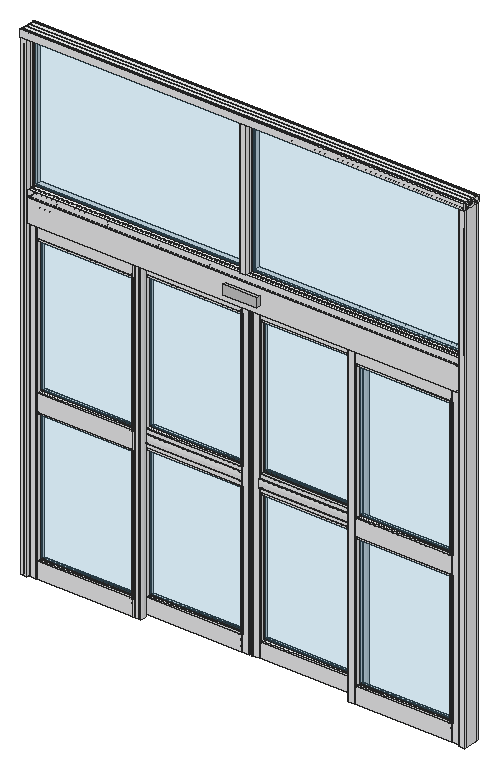
Revit family "2-5-16_Sliding-Door_TX9200SL_Bipart-Outside-Slide-w-Transom-O-SX-SX-O-w-Elec-Lock-Flush-Mnt-Exit-Panic-HW_Tormax", category Doors, host Wall, Revit 2026
Family settings
  Host = Wall
  Classification Number = 23.30.10.00
  Always vertical = Yes
  Cut with Voids When Loaded = No
  Shared = No
  Room Calculation Point = No
Parameters (values of type "10'-0" Package Width")
  Width = 10' - 0"
  URL = "https://www.tormaxusa.com"
  Thickness = 0' - 4 1/2"  # constant formula
  Specification = "https://www.arcat.com/company/tormax-usa-inc-43969/spec"
  Rough Width = Width + 0' 0 1/2"  # 10' - 0 1/2"
  Rough Height = Height + 0' 0 1/4"  # 11' - 0 1/4"
  Product Page URL = "https://www.arcat.com/arcatcos/cos43/arc43969.html"
  Model = "TX9200SL"
  Manufacturer = "Tormax"
  Keynote = "08 42 29"
  Height = 11' - 0"  # constant formula
  Glass = Glass - Tormax
  Frame Projection Ext. = 0' - 0"
  Frame Projection Int. = 0' - 0"
  Frame Width = 0' - 0"
  Wall Closure = By host
  Door Width = Width / 4 + 0' 0 7/16"  # 2' - 6 7/16"
  Door Height = Height  # 11' - 0"
  Frame Material = Aluminum - Tormax
  Description = "Bipart Outside Slide Application w/ Transom (O-SX-SX-O) w/ Electric Lock & Flush Mount Exit Panic HDW, 10'-0\" Package Width"
  Define Thermal Properties by = Schematic Type
  Copyright = "ARCAT"
  CAD Details = "https://www.arcat.com/company/tormax-usa-inc-43969/cad"
  Analytic Construction = "<None>"
Reference planes (in)
  plane 1 "Center (Front/Back)": y = 0
  plane 2 "Center (Left/Right)": x = 0
  plane 3 "Left": x = -60.25
  plane 4 "Right": x = 60.25
  plane 5 "Top": z = 132.25
  plane 6 "Exterior": y = 3
  plane 7 "Interior": y = -3
  plane 8: x = -0.21875
  plane 9: x = 0.21875
  plane 10: y = -2.25
  plane 11 "4": z = 85.5
  plane 12: x = -60
  plane 13: x = 60
  plane 14: z = 132
  plane 15: y = 2.25
  plane 16: x = -58.24908
  plane 17: x = 58.24908
  plane 18: y = 1.433
  plane 19: y = -0.84
  plane 20: x = -15.4375
  plane 21: z = 92
  plane 22: x = -30.65625
  plane 23: x = 30.65625
  plane 24: x = 15.4375
  plane 25: z = 130.1875
Forms (in)
  Extrusion 1, solid, material "Plastic - Tormax - Grey"
    sketch origin (0, 0, 0) x (1, 0, 0) y (0, 0, 1)
      loop
        line (-4.5, 90.055) -> (-4.5, 87.445) -> (4.5, 87.445) -> (4.5, 90.055) -> (-4.5, 90.055)
    from 2.23457 to 3.23457
  Extrusion 2, solid, material "Plastic - Tormax - Grey"
    sketch origin (0, 0, 0) x (1, 0, 0) y (0, 0, 1)
      loop
        line (-4.5, 90.055) -> (-4.5, 87.445) -> (4.5, 87.445) -> (4.5, 90.055) -> (-4.5, 90.055)
    from -3.23036 to -2.23036
  Sweep 3, solid, material "Aluminum - Tormax" <- "Frame Material"
    path origin (0, 0, 0) x (1, 0, 0) y (0, 0, 1)
      loop
        line (-58.24908, 85.5) -> (58.24908, 85.5)
    profile origin (0, 0, 85.5) x (0, 0, 1) y (0, -1, 0)
      loop
        line (5.77619, -2.07466) -> (5.99221, -2.07466) -> (5.99221, -1.99751) -> (5.93513, -1.99751)
        arc (5.93513, -1.99751) -> (5.89217, -1.97971) -> (5.87438, -1.93675) r 0.06075
        line (5.87438, -1.93675) -> (5.87438, -1.35631) -> (6.14932, -1.35631) -> (6.14932, -1.4827) -> (6.22817, -1.4827)
        arc (6.22817, -1.4827) -> (6.39719, -1.79317) -> (6.34244, -2.14241) r 0.55026
        line (6.34244, -2.14241) -> (6.29099, -2.1562) -> (6.29099, -1.87738) -> (5.93246, -1.87738)
        arc (5.93246, -1.87738) -> (5.88314, -1.9267) -> (5.93246, -1.97602) r 0.04932
        line (5.93246, -1.97602) -> (6.03008, -1.97602) -> (6.03008, -2.10552) -> (0.40539, -2.10552) -> (0.40539, -1.68048) -> (0.28141, -1.68048) -> (0.28141, -2.23036) -> (6.5, -2.23036) -> (6.5, 1.72592) -> (6.37515, 1.85076) -> (6.37515, 2.08622)
        arc (6.37515, 2.08622) -> (6.39129, 2.10725) -> (6.41577, 2.09711) r 0.02177
        line (6.41577, 2.09711) -> (6.47243, 1.99896)
        arc (6.47243, 1.99896) -> (6.48905, 1.99208) -> (6.5, 2.00635) r 0.01477
        line (6.5, 2.00635) -> (6.5, 2.23457) -> (0, 2.23457) -> (0, -0.04489) -> (-0.21462, -0.04489) -> (-0.21462, -0.08837) -> (-0.15431, -0.08837) -> (-0.15431, -0.15851) -> (-0.48395, -0.15851) -> (-0.48395, -0.08837) -> (-0.42504, -0.08837) -> (-0.42504, -0.04489) -> (-0.62422, -0.04489) -> (-0.62422, -0.45028) -> (-0.42504, -0.45028) -> (-0.42504, -0.4068) -> (-0.48395, -0.4068) -> (-0.48395, -0.33666) -> (-0.15431, -0.33666) -> (-0.15431, -0.4068) -> (-0.21462, -0.4068) -> (-0.21462, -0.45028) -> (-0.01964, -0.45028) -> (-0.01964, -0.28897) -> (0.23145, -0.28897) -> (0.23145, -0.84785) -> (0.34867, -1.03258)
        arc (0.34867, -1.03258) -> (0.36443, -1.03854) -> (0.37455, -1.02507) r 0.01403
        line (0.37455, -1.02507) -> (0.37455, -0.21669)
        arc (0.37455, -0.21669) -> (0.40392, -0.14579) -> (0.47481, -0.11643) r 0.10026
        line (0.47481, -0.11643) -> (0.59196, -0.11643) -> (0.59196, -0.23145) -> (0.89635, -0.23145) -> (0.89635, -0.1529) -> (0.76309, -0.1529) -> (0.76309, -0.01262) -> (0.8697, -0.01262) -> (0.8697, 0.06867) -> (1.19934, 0.06867) -> (1.19934, -0.01262) -> (1.30595, -0.01262) -> (1.30595, -0.1529) -> (1.17269, -0.1529) -> (1.17269, -0.23145) -> (1.36206, -0.23145) -> (1.43332, -0.07864)
        arc (1.43332, -0.07864) -> (1.6158, 0.06179) -> (1.83569, -0.00654) r 0.25
        line (1.83569, -0.00654) -> (1.96422, -0.13365)
        arc (1.96422, -0.13365) -> (1.99627, -0.15695) -> (2.0338, -0.16963) r 0.13141
        line (2.0338, -0.16963) -> (2.11423, -0.18382)
        arc (2.11423, -0.18382) -> (2.2005, -0.23362) -> (2.23457, -0.32723) r 0.14562
        line (2.23457, -0.32723) -> (2.23457, -0.9202) -> (2.38466, -0.9202) -> (2.38466, 0.06733) -> (2.28156, 0.17043) -> (2.22615, 0.11502) -> (2.32086, 0.02032) -> (2.22127, -0.07928) -> (2.14619, -0.00421) -> (2.08868, -0.06172) -> (1.85512, 0.17184) -> (1.91264, 0.22935) -> (1.83689, 0.3051) -> (1.93648, 0.40469) -> (2.03117, 0.31001) -> (2.08658, 0.36541) -> (1.83128, 0.62071) -> (1.9456, 0.73504) -> (1.9456, 1.35354) -> (1.75483, 1.53331) -> (1.75483, 2.06344) -> (5.84651, 2.06344)
        arc (5.84651, 2.06344) -> (5.93664, 2.02611) -> (5.97397, 1.93598) r 0.12746
        line (5.97397, 1.93598) -> (5.97397, 1.7394) -> (6.05393, 1.7394) -> (6.05393, 1.87407) -> (6.1928, 1.87407) -> (6.1928, 1.76475) -> (6.24189, 1.76475) -> (6.24189, 1.43623) -> (6.1928, 1.43623) -> (6.1928, 1.3298) -> (6.05393, 1.3298) -> (6.05393, 1.46306) -> (5.97397, 1.46306) -> (5.97397, 1.25125) -> (6.27276, 1.25125) -> (6.27276, 1.32981)
        arc (6.27276, 1.32981) -> (6.30151, 1.35856) -> (6.33027, 1.32981) r 0.02876
        line (6.33027, 1.32981) -> (6.33027, 0.99434)
        arc (6.33027, 0.99434) -> (6.30151, 0.96559) -> (6.27276, 0.99434) r 0.02876
        line (6.27276, 0.99434) -> (6.27276, 1.0731) -> (5.97397, 1.0731) -> (5.97397, 0.85988) -> (6.05393, 0.85988) -> (6.05393, 0.99314) -> (6.1928, 0.99314) -> (6.1928, 0.88653) -> (6.33027, 0.88653) -> (6.33027, 0.55689) -> (6.1928, 0.55689) -> (6.1928, 0.45028) -> (6.05393, 0.45028) -> (6.05393, 0.58354) -> (5.97397, 0.58354) -> (5.97397, 0.37032) -> (6.27276, 0.37032) -> (6.27276, 0.44908)
        arc (6.27276, 0.44908) -> (6.30151, 0.47783) -> (6.33027, 0.44908) r 0.02876
        line (6.33027, 0.44908) -> (6.33027, 0.11503)
        arc (6.33027, 0.11503) -> (6.30151, 0.08627) -> (6.27276, 0.11503) r 0.02876
        line (6.27276, 0.11503) -> (6.27276, 0.19378) -> (5.97397, 0.19378) -> (5.97397, -0.01944) -> (6.05393, -0.01944) -> (6.05393, 0.11382) -> (6.1928, 0.11382) -> (6.1928, 0.00721) -> (6.33027, 0.00721) -> (6.33027, -0.32403) -> (6.1928, -0.32403) -> (6.1928, -0.42995) -> (6.05393, -0.42995) -> (6.05393, -0.29669) -> (5.97397, -0.29669) -> (5.97397, -0.53164) -> (6.03429, -0.53164) -> (6.03429, -0.64246) -> (6.11284, -0.64246) -> (6.11284, -0.53164) -> (6.25171, -0.53164) -> (6.25171, -1.15867) -> (6.06795, -1.15867) -> (6.03942, -1.11939) -> (5.97397, -1.11939) -> (5.97397, -1.1664)
        arc (5.97397, -1.1664) -> (5.95775, -1.20557) -> (5.91858, -1.22179) r 0.05539
        line (5.91858, -1.22179) -> (5.77619, -1.22179) -> (5.77619, -2.07466)
      loop
        line (0.07995, 1.86565) -> (0.07995, 0.39978) -> (0.26091, 0.39978) -> (0.26091, 0.28335) -> (0.3058, 0.2539) -> (0.3058, 0.03421) -> (0.47711, 0.03365) -> (0.7408, 0.21838) -> (1.4982, 0.21838) -> (1.69036, 0.25479) -> (1.69036, 0.66367) -> (1.33962, 0.66367) -> (1.33962, 0.89776) -> (1.41957, 0.89776) -> (1.41957, 0.76309) -> (1.55985, 0.76309) -> (1.55985, 0.8711) -> (1.75062, 0.8711) -> (1.75062, 1.20075) -> (1.55985, 1.20075) -> (1.55985, 1.30735) -> (1.41957, 1.30735) -> (1.41957, 1.17409) -> (1.33962, 1.17409) -> (1.33962, 1.38773) -> (1.5851, 1.38773) -> (1.5851, 2.06344) -> (0.30619, 2.06344) -> (0.30619, 1.97106) -> (0.26091, 1.94734) -> (0.26091, 1.86565) -> (0.07995, 1.86565)
      loop
        line (0.00561, -2.10973) -> (0.00561, -1.55985) -> (2.37204, -1.55985)
        arc (2.37204, -1.55985) -> (2.41952, -1.67959) -> (2.53701, -1.73239) r 0.17128
        line (2.53701, -1.73239) -> (2.78024, -1.73239) -> (2.78024, -1.49813) -> (2.70028, -1.49813) -> (2.70028, -1.63279) -> (2.56141, -1.63279) -> (2.56141, -1.52478) -> (2.46883, -1.52478) -> (2.46883, -1.19514) -> (2.56141, -1.19514) -> (2.56141, -1.08853) -> (2.70028, -1.08853) -> (2.70028, -1.22179) -> (2.78024, -1.22179) -> (2.78024, -0.98753) -> (2.53714, -0.98753)
        arc (2.53714, -0.98753) -> (2.41956, -1.04028) -> (2.37204, -1.16007) r 0.17128
        line (2.37204, -1.16007) -> (0.00631, -1.16007) -> (0.00631, -0.61019) -> (-0.98473, -0.61019) -> (-0.98473, -1.53213)
        arc (-0.98473, -1.53213) -> (-0.9181, -1.59876) -> (-0.85147, -1.53213) r 0.06663
        line (-0.85147, -1.53213) -> (-0.85147, -1.2004)
        arc (-0.85147, -1.2004) -> (-0.77362, -1.12255) -> (-0.69577, -1.2004) r 0.07785
        line (-0.69577, -1.2004) -> (-0.69577, -1.68329) -> (-0.67052, -1.92596) -> (-0.67052, -2.10973) -> (0.00561, -2.10973)
  Sweep 4, solid, material "Aluminum - Tormax" <- "Frame Material"
    path origin (0, 0, 0) x (1, 0, 0) y (0, 0, 1)
      loop
        line (-60, 130.1875) -> (-60, 0)
    profile origin (-60, 0, 65.09375) x (0, -1, 0) y (1, 0, 0)
      loop
        line (-2.25, 0) -> (-1.81515, 0) -> (-1.81515, 0.11322) -> (-1.69933, 0.11322)
        arc (-1.69933, 0.11322) -> (-1.69067, 0.15137) -> (-1.70596, 0.18738) r 0.06366
        line (-1.70596, 0.18738) -> (-1.81808, 0.18738)
        arc (-1.81808, 0.18738) -> (-1.86945, 0.1699) -> (-1.89951, 0.12472) r 0.08425
        line (-1.89951, 0.12472) -> (-2.12383, 0.12472) -> (-2.12383, 1.62444) -> (-1.01125, 1.62444)
        arc (-1.01125, 1.62444) -> (-0.97854, 1.4893) -> (-0.88136, 1.38986) r 0.2623
        line (-0.88136, 1.38986) -> (-0.88136, 0.87481)
        arc (-0.88136, 0.87481) -> (-0.81729, 0.72014) -> (-0.66261, 0.65607) r 0.21875
        line (-0.66261, 0.65607) -> (0.66817, 0.65607)
        arc (0.66817, 0.65607) -> (0.82039, 0.71912) -> (0.88344, 0.87134) r 0.21527
        line (0.88344, 0.87134) -> (0.88344, 1.39109)
        arc (0.88344, 1.39109) -> (0.97912, 1.49036) -> (1.01125, 1.62444) r 0.2623
        line (1.01125, 1.62444) -> (2.12383, 1.62444) -> (2.12383, 0.12472) -> (1.89951, 0.12472)
        arc (1.89951, 0.12472) -> (1.86945, 0.1699) -> (1.81808, 0.18738) r 0.08425
        line (1.81808, 0.18738) -> (1.71377, 0.18738)
        arc (1.71377, 0.18738) -> (1.69848, 0.15137) -> (1.70714, 0.11322) r 0.06366
        line (1.70714, 0.11322) -> (1.80734, 0.11322) -> (1.80734, 0) -> (2.25, 0) -> (2.25, 1.75092) -> (0.85905, 1.75092) -> (0.85905, 1.49159) -> (0.72205, 1.49159) -> (0.72205, 1.6564) -> (0.66591, 1.6564) -> (0.66591, 1.42631) -> (0.75855, 1.42631) -> (0.75855, 0.87892)
        arc (0.75855, 0.87892) -> (0.72992, 0.80981) -> (0.6608, 0.78118) r 0.09775
        line (0.6608, 0.78118) -> (-0.65544, 0.78118)
        arc (-0.65544, 0.78118) -> (-0.72688, 0.81077) -> (-0.75647, 0.88221) r 0.10104
        line (-0.75647, 0.88221) -> (-0.75647, 1.42631) -> (-0.65809, 1.42631) -> (-0.65809, 1.65835) -> (-0.72205, 1.65835) -> (-0.72205, 1.49159) -> (-0.85868, 1.49159) -> (-0.85868, 1.75092) -> (-2.25, 1.75092) -> (-2.25, 0)
      loop
        line (-1.77192, 0) -> (1.76565, 0) -> (1.76565, 0.07235) -> (1.60504, 0.07235) -> (1.60504, 0.18932) -> (1.6607, 0.18932) -> (1.59241, 0.37695)
        arc (1.59241, 0.37695) -> (1.54664, 0.39829) -> (1.52529, 0.35252) r 0.03571
        line (1.52529, 0.35252) -> (1.57291, 0.22167) -> (1.53738, 0.20277) -> (1.53738, 0.07235) -> (0.63819, 0.07235) -> (0.63819, 0.55414) -> (0.55418, 0.55414) -> (0.55418, 0.07235) -> (-1.53738, 0.07235) -> (-1.53738, 0.20277) -> (-1.57291, 0.22167) -> (-1.52529, 0.35252)
        arc (-1.52529, 0.35252) -> (-1.54664, 0.39829) -> (-1.59241, 0.37695) r 0.03571
        line (-1.59241, 0.37695) -> (-1.6607, 0.18932) -> (-1.60504, 0.18932) -> (-1.60504, 0.07235) -> (-1.77192, 0.07235) -> (-1.77192, 0)
      loop
        line (-2.25, 120) -> (-2.25, 118.24908) -> (-0.85868, 118.24908) -> (-0.85868, 118.50841) -> (-0.72205, 118.50841) -> (-0.72205, 118.34165) -> (-0.65809, 118.34165) -> (-0.65809, 118.57369) -> (-0.75647, 118.57369) -> (-0.75647, 119.11779)
        arc (-0.75647, 119.11779) -> (-0.72688, 119.18923) -> (-0.65544, 119.21882) r 0.10104
        line (-0.65544, 119.21882) -> (0.6608, 119.21882)
        arc (0.6608, 119.21882) -> (0.72992, 119.19019) -> (0.75855, 119.12108) r 0.09775
        line (0.75855, 119.12108) -> (0.75855, 118.57369) -> (0.66591, 118.57369) -> (0.66591, 118.3436) -> (0.72205, 118.3436) -> (0.72205, 118.50841) -> (0.85905, 118.50841) -> (0.85905, 118.24908) -> (2.25, 118.24908) -> (2.25, 120) -> (1.80734, 120) -> (1.80734, 119.88678) -> (1.70714, 119.88678)
        arc (1.70714, 119.88678) -> (1.69848, 119.84863) -> (1.71377, 119.81262) r 0.06366
        line (1.71377, 119.81262) -> (1.81808, 119.81262)
        arc (1.81808, 119.81262) -> (1.86945, 119.8301) -> (1.89951, 119.87528) r 0.08425
        line (1.89951, 119.87528) -> (2.12383, 119.87528) -> (2.12383, 118.37556) -> (1.01125, 118.37556)
        arc (1.01125, 118.37556) -> (0.97912, 118.50964) -> (0.88344, 118.60891) r 0.2623
        line (0.88344, 118.60891) -> (0.88344, 119.12866)
        arc (0.88344, 119.12866) -> (0.82039, 119.28088) -> (0.66817, 119.34393) r 0.21527
        line (0.66817, 119.34393) -> (-0.66261, 119.34393)
        arc (-0.66261, 119.34393) -> (-0.81729, 119.27986) -> (-0.88136, 119.12519) r 0.21875
        line (-0.88136, 119.12519) -> (-0.88136, 118.61014)
        arc (-0.88136, 118.61014) -> (-0.97854, 118.5107) -> (-1.01125, 118.37556) r 0.2623
        line (-1.01125, 118.37556) -> (-2.12383, 118.37556) -> (-2.12383, 119.87528) -> (-1.89951, 119.87528)
        arc (-1.89951, 119.87528) -> (-1.86945, 119.8301) -> (-1.81808, 119.81262) r 0.08425
        line (-1.81808, 119.81262) -> (-1.70596, 119.81262)
        arc (-1.70596, 119.81262) -> (-1.69067, 119.84863) -> (-1.69933, 119.88678) r 0.06366
        line (-1.69933, 119.88678) -> (-1.81515, 119.88678) -> (-1.81515, 120) -> (-2.25, 120)
      loop
        line (-1.77192, 120) -> (-1.77192, 119.92765) -> (-1.60504, 119.92765) -> (-1.60504, 119.81068) -> (-1.6607, 119.81068) -> (-1.59241, 119.62305)
        arc (-1.59241, 119.62305) -> (-1.54664, 119.60171) -> (-1.52529, 119.64748) r 0.03571
        line (-1.52529, 119.64748) -> (-1.57291, 119.77833) -> (-1.53738, 119.79723) -> (-1.53738, 119.92765) -> (0.55418, 119.92765) -> (0.55418, 119.44586) -> (0.63819, 119.44586) -> (0.63819, 119.92765) -> (1.53738, 119.92765) -> (1.53738, 119.79723) -> (1.57291, 119.77833) -> (1.52529, 119.64748)
        arc (1.52529, 119.64748) -> (1.54664, 119.60171) -> (1.59241, 119.62305) r 0.03571
        line (1.59241, 119.62305) -> (1.6607, 119.81068) -> (1.60504, 119.81068) -> (1.60504, 119.92765) -> (1.76565, 119.92765) -> (1.76565, 120) -> (-1.77192, 120)
  Sweep 5, solid, material "Aluminum - Tormax" <- "Frame Material"
    path origin (0, 0, 0) x (-1, 0, 0) y (0, 0, -1)
      loop
        line (-60, -93.75016) -> (-60, 0)
    profile origin (60, 0, 46.87508) x (0, -1, 0) y (1, 0, 0)
      loop
        line (-0.57123, -1.42631) -> (-0.57123, -1.69246) -> (-0.72205, -1.69246) -> (-0.72205, -1.75092) -> (0.72205, -1.75092) -> (0.72205, -1.69246) -> (0.57123, -1.69246) -> (0.57123, -1.42631) -> (0.50727, -1.42631) -> (0.50727, -1.69246) -> (-0.50727, -1.69246) -> (-0.50727, -1.42631) -> (-0.57123, -1.42631)
      loop
        line (-0.57123, -118.57369) -> (-0.50727, -118.57369) -> (-0.50727, -118.30754) -> (0.50727, -118.30754) -> (0.50727, -118.57369) -> (0.57123, -118.57369) -> (0.57123, -118.30754) -> (0.72205, -118.30754) -> (0.72205, -118.24908) -> (-0.72205, -118.24908) -> (-0.72205, -118.30754) -> (-0.57123, -118.30754) -> (-0.57123, -118.57369)
  Sweep 6, solid, material "Aluminum - Tormax" <- "Frame Material"
    path origin (0, 0, 0) x (1, 0, 0) y (0, 0, 1)
      loop
        line (-58.24908, 85.5) -> (58.24908, 85.5)
    profile origin (0, 0, 85.5) x (0, 0, 1) y (0, -1, 0)
      loop
        line (6.5, 2.23457) -> (6.5, 2.00635)
        arc (6.5, 2.00635) -> (6.48905, 1.99208) -> (6.47243, 1.99896) r 0.01477
        line (6.47243, 1.99896) -> (6.41577, 2.09711)
        arc (6.41577, 2.09711) -> (6.39129, 2.10725) -> (6.37515, 2.08622) r 0.02177
        line (6.37515, 2.08622) -> (6.37515, 1.93279) -> (6.5, 1.80795) -> (6.5, -2.23457) -> (8.25016, -2.23457) -> (8.25016, -0.91) -> (8.28253, -0.89192) -> (8.38177, -0.13464) -> (8.42963, -0.06635)
        arc (8.42963, -0.06635) -> (8.4235, -0.03153) -> (8.38868, -0.03765) r 0.025
        line (8.38868, -0.03765) -> (8.27631, -0.198) -> (8.01611, -0.198) -> (8.11017, -0.10524)
        arc (8.11017, -0.10524) -> (8.11036, -0.07696) -> (8.08208, -0.07676) r 0.02
        line (8.08208, -0.07676) -> (7.98196, -0.1755) -> (7.93041, -0.4768) -> (7.80443, -0.5574) -> (7.84777, -0.70193)
        arc (7.84777, -0.70193) -> (7.88086, -0.723) -> (7.9065, -0.69331) r 0.03
        line (7.9065, -0.69331) -> (7.9065, -0.6575) -> (7.94166, -0.6575) -> (7.94166, -0.75425) -> (7.37471, -1.29239) -> (7.37471, -1.04856) -> (7.04734, -1.04856) -> (7.04734, -0.56198) -> (7.37563, -0.56198) -> (7.37563, 0.7666) -> (7.94166, 0.7666) -> (7.94166, 0.6575) -> (7.9065, 0.6575) -> (7.9065, 0.69331)
        arc (7.9065, 0.69331) -> (7.88086, 0.723) -> (7.84777, 0.70193) r 0.03
        line (7.84777, 0.70193) -> (7.80443, 0.5574) -> (7.93041, 0.4768) -> (7.98196, 0.1755) -> (8.08208, 0.07676)
        arc (8.08208, 0.07676) -> (8.11036, 0.07696) -> (8.11017, 0.10524) r 0.02
        line (8.11017, 0.10524) -> (8.01611, 0.198) -> (8.27631, 0.198) -> (8.38868, 0.03765)
        arc (8.38868, 0.03765) -> (8.4235, 0.03153) -> (8.42963, 0.06635) r 0.025
        line (8.42963, 0.06635) -> (8.38177, 0.13464) -> (8.28253, 0.89192) -> (8.25016, 0.91) -> (8.25016, 2.23457) -> (6.5, 2.23457)
      loop
        line (8.12516, 0.98853) -> (8.12516, 2.10957) -> (6.625, 2.10957) -> (6.625, 0.89208) -> (7.91768, 0.89208) -> (8.01405, 0.98853) -> (8.12516, 0.98853)
      loop
        line (7.25063, 0.7666) -> (6.625, 0.7666) -> (6.625, -0.43698) -> (7.25063, -0.43698) -> (7.25063, 0.7666)
      loop
        line (6.625, -2.10957) -> (7.09364, -2.10957) -> (7.09364, -1.39649) -> (6.92148, -1.39649) -> (6.92148, -0.56198) -> (6.625, -0.56198) -> (6.625, -2.10957)
      loop
        line (7.21864, -2.17246) -> (8.20004, -2.17246) -> (8.20004, -0.91763) -> (8.05686, -0.91763) -> (7.95226, -0.81302) -> (7.41137, -1.32644) -> (7.21864, -1.32644) -> (7.21864, -2.17246)
  Sweep 7, solid, material "Aluminum - Tormax" <- "Frame Material"
    path origin (0, 0, 0) x (1, 0, 0) y (0, 0, 1)
      loop
        line (0, 93.75016) -> (0, 130.1875)
    profile origin (0, 0, 111.96883) x (-1, 0, 0) y (0, -1, 0)
      loop
        line (-58.11746, -0.13464) -> (-58.06961, -0.06635)
        arc (-58.06961, -0.06635) -> (-58.07573, -0.03153) -> (-58.11055, -0.03765) r 0.025
        line (-58.11055, -0.03765) -> (-58.22292, -0.198) -> (-58.48313, -0.198) -> (-58.38907, -0.10524)
        arc (-58.38907, -0.10524) -> (-58.38887, -0.07696) -> (-58.41715, -0.07676) r 0.02
        line (-58.41715, -0.07676) -> (-58.51727, -0.1755) -> (-58.56882, -0.4768) -> (-58.6948, -0.5574) -> (-58.65147, -0.70193)
        arc (-58.65147, -0.70193) -> (-58.61838, -0.723) -> (-58.59273, -0.69331) r 0.03
        line (-58.59273, -0.69331) -> (-58.59273, -0.6575) -> (-58.24908, -0.6575) -> (-58.24908, -0.91) -> (-58.21671, -0.89192) -> (-58.11746, -0.13464)
      loop
        line (-58.24908, 0.91) -> (-58.24908, 0.6575) -> (-58.59273, 0.6575) -> (-58.59273, 0.69331)
        arc (-58.59273, 0.69331) -> (-58.61838, 0.723) -> (-58.65147, 0.70193) r 0.03
        line (-58.65147, 0.70193) -> (-58.6948, 0.5574) -> (-58.56882, 0.4768) -> (-58.51727, 0.1755) -> (-58.41715, 0.07676)
        arc (-58.41715, 0.07676) -> (-58.38887, 0.07696) -> (-58.38907, 0.10524) r 0.02
        line (-58.38907, 0.10524) -> (-58.48313, 0.198) -> (-58.22292, 0.198) -> (-58.11055, 0.03765)
        arc (-58.11055, 0.03765) -> (-58.07573, 0.03153) -> (-58.06961, 0.06635) r 0.025
        line (-58.06961, 0.06635) -> (-58.11746, 0.13464) -> (-58.21671, 0.89192) -> (-58.24908, 0.91)
      loop
        line (58.11746, -0.13464) -> (58.21671, -0.89192) -> (58.24908, -0.91) -> (58.24908, -0.6575) -> (58.59273, -0.6575) -> (58.59273, -0.69331)
        arc (58.59273, -0.69331) -> (58.61838, -0.723) -> (58.65147, -0.70193) r 0.03
        line (58.65147, -0.70193) -> (58.6948, -0.5574) -> (58.56882, -0.4768) -> (58.51727, -0.1755) -> (58.41715, -0.07676)
        arc (58.41715, -0.07676) -> (58.38887, -0.07696) -> (58.38907, -0.10524) r 0.02
        line (58.38907, -0.10524) -> (58.48313, -0.198) -> (58.22292, -0.198) -> (58.11055, -0.03765)
        arc (58.11055, -0.03765) -> (58.07573, -0.03153) -> (58.06961, -0.06635) r 0.025
        line (58.06961, -0.06635) -> (58.11746, -0.13464)
      loop
        line (58.24908, 0.91) -> (58.21671, 0.89192) -> (58.11746, 0.13464) -> (58.06961, 0.06635)
        arc (58.06961, 0.06635) -> (58.07573, 0.03153) -> (58.11055, 0.03765) r 0.025
        line (58.11055, 0.03765) -> (58.22292, 0.198) -> (58.48313, 0.198) -> (58.38907, 0.10524)
        arc (58.38907, 0.10524) -> (58.38887, 0.07696) -> (58.41715, 0.07676) r 0.02
        line (58.41715, 0.07676) -> (58.51727, 0.1755) -> (58.56882, 0.4768) -> (58.6948, 0.5574) -> (58.65147, 0.70193)
        arc (58.65147, 0.70193) -> (58.61838, 0.723) -> (58.59273, 0.69331) r 0.03
        line (58.59273, 0.69331) -> (58.59273, 0.6575) -> (58.24908, 0.6575) -> (58.24908, 0.91)
      loop
        line (-0.86836, -2.23457) -> (0.86836, -2.23457) -> (0.86836, -0.91) -> (0.90073, -0.89192) -> (0.9979, -0.13295) -> (1.04558, -0.06492)
        arc (1.04558, -0.06492) -> (1.03948, -0.03023) -> (1.00479, -0.03633) r 0.02491
        line (1.00479, -0.03633) -> (0.93003, -0.14301)
        arc (0.93003, -0.14301) -> (0.88553, -0.18201) -> (0.82805, -0.19607) r 0.12453
        line (0.82805, -0.19607) -> (0.63363, -0.19607) -> (0.72733, -0.10366)
        arc (0.72733, -0.10366) -> (0.72753, -0.07548) -> (0.69935, -0.07529) r 0.01992
        line (0.69935, -0.07529) -> (0.59961, -0.17365) -> (0.53452, -0.55411) -> (0.46593, -0.55411) -> (0.46593, -0.75463) -> (0.26483, -0.75463) -> (0.26483, 0.75463) -> (0.46593, 0.75463) -> (0.46593, 0.55411) -> (0.53452, 0.55411) -> (0.59961, 0.17365) -> (0.69935, 0.07529)
        arc (0.69935, 0.07529) -> (0.72753, 0.07548) -> (0.72733, 0.10366) r 0.01992
        line (0.72733, 0.10366) -> (0.63363, 0.19607) -> (0.82805, 0.19607)
        arc (0.82805, 0.19607) -> (0.88553, 0.18201) -> (0.93003, 0.14301) r 0.12453
        line (0.93003, 0.14301) -> (1.00479, 0.03633)
        arc (1.00479, 0.03633) -> (1.03948, 0.03023) -> (1.04558, 0.06492) r 0.02491
        line (1.04558, 0.06492) -> (0.9979, 0.13295) -> (0.90073, 0.89192) -> (0.86836, 0.91) -> (0.86836, 2.23457) -> (-0.86836, 2.23457) -> (-0.86836, 0.91) -> (-0.90073, 0.89192) -> (-0.9979, 0.13295) -> (-1.04558, 0.06492)
        arc (-1.04558, 0.06492) -> (-1.03948, 0.03023) -> (-1.00479, 0.03633) r 0.02491
        line (-1.00479, 0.03633) -> (-0.93003, 0.14301)
        arc (-0.93003, 0.14301) -> (-0.88553, 0.18201) -> (-0.82805, 0.19607) r 0.12453
        line (-0.82805, 0.19607) -> (-0.63363, 0.19607) -> (-0.72733, 0.10366)
        arc (-0.72733, 0.10366) -> (-0.72753, 0.07548) -> (-0.69935, 0.07529) r 0.01992
        line (-0.69935, 0.07529) -> (-0.59961, 0.17365) -> (-0.53452, 0.55411) -> (-0.46593, 0.55411) -> (-0.46593, 0.75463) -> (-0.26483, 0.75463) -> (-0.26483, -0.75463) -> (-0.46593, -0.75463) -> (-0.46593, -0.55411) -> (-0.53452, -0.55411) -> (-0.59961, -0.17365) -> (-0.69935, -0.07529)
        arc (-0.69935, -0.07529) -> (-0.72753, -0.07548) -> (-0.72733, -0.10366) r 0.01992
        line (-0.72733, -0.10366) -> (-0.63363, -0.19607) -> (-0.82805, -0.19607)
        arc (-0.82805, -0.19607) -> (-0.88553, -0.18201) -> (-0.93003, -0.14301) r 0.12453
        line (-0.93003, -0.14301) -> (-1.00479, -0.03633)
        arc (-1.00479, -0.03633) -> (-1.03948, -0.03023) -> (-1.04558, -0.06492) r 0.02491
        line (-1.04558, -0.06492) -> (-0.9979, -0.13295) -> (-0.90073, -0.89192) -> (-0.86836, -0.91) -> (-0.86836, -2.23457)
      loop
        line (-0.80586, -2.17246) -> (0.80586, -2.17246) -> (0.80586, -0.9319) -> (0.56178, -0.9319) -> (0.56178, -0.83433) -> (0.18513, -0.83433) -> (0.18513, 0.83433) -> (0.56178, 0.83433) -> (0.56178, 0.9319) -> (0.80586, 0.9319) -> (0.80586, 2.17246) -> (-0.80586, 2.17246) -> (-0.80586, 0.9319) -> (-0.56178, 0.9319) -> (-0.56178, 0.83433) -> (-0.18513, 0.83433) -> (-0.18513, -0.83433) -> (-0.56178, -0.83433) -> (-0.56178, -0.9319) -> (-0.80586, -0.9319) -> (-0.80586, -2.17246)
  Extrusion 8, solid, material "Glass - Tormax"
    sketch origin (0, 0, 0) x (1, 0, 0) y (0, 0, 1)
      loop
        line (58.43658, 130.375) -> (0.68086, 130.375) -> (0.68086, 93.56266) -> (58.43658, 93.56266) -> (58.43658, 130.375)
      loop
        line (-0.68086, 130.375) -> (-58.43658, 130.375) -> (-58.43658, 93.56266) -> (-0.68086, 93.56266) -> (-0.68086, 130.375)
    from 0.125 to -0.125
  Sweep 9, solid, material "Aluminum - Tormax" <- "Frame Material"
    path origin (0, 0, -12) x (1, 0, 0) y (0, 0, 1)
      loop
        line (-60, 104) -> (60, 104)
    profile origin (0, 0, 92) x (0, 0, 1) y (0, -1, 0)
      loop
        line (39.92, -2.47) -> (39.92, -1.97) -> (40, -1.97) -> (40, -1.89) -> (39.92, -1.89) -> (39.92, -0.58) -> (40, -0.58) -> (40, -0.5) -> (39.92, -0.5) -> (39.92, 0.5) -> (40, 0.5) -> (40, 0.58) -> (39.92, 0.58) -> (39.92, 1.89) -> (40, 1.89) -> (40, 1.97) -> (39.92, 1.97) -> (39.92, 2.47) -> (38.1875, 2.47) -> (38.1875, 0.91) -> (38.15513, 0.89192) -> (38.05589, 0.13464) -> (38.00803, 0.06635)
        arc (38.00803, 0.06635) -> (38.01415, 0.03153) -> (38.04897, 0.03765) r 0.025
        line (38.04897, 0.03765) -> (38.16134, 0.198) -> (38.42155, 0.198) -> (38.32749, 0.10524)
        arc (38.32749, 0.10524) -> (38.32729, 0.07696) -> (38.35558, 0.07676) r 0.02
        line (38.35558, 0.07676) -> (38.45569, 0.1755) -> (38.50724, 0.4768) -> (38.63323, 0.5574) -> (38.58989, 0.70193)
        arc (38.58989, 0.70193) -> (38.5568, 0.723) -> (38.53115, 0.69331) r 0.03
        line (38.53115, 0.69331) -> (38.53115, 0.6575) -> (38.496, 0.6575) -> (38.496, 0.75751) -> (39.215, 0.75751) -> (39.215, -0.75751) -> (38.496, -0.75751) -> (38.496, -0.6575) -> (38.53115, -0.6575) -> (38.53115, -0.69331)
        arc (38.53115, -0.69331) -> (38.5568, -0.723) -> (38.58989, -0.70193) r 0.03
        line (38.58989, -0.70193) -> (38.63323, -0.5574) -> (38.50724, -0.4768) -> (38.45569, -0.1755) -> (38.35558, -0.07676)
        arc (38.35558, -0.07676) -> (38.32729, -0.07696) -> (38.32749, -0.10524) r 0.02
        line (38.32749, -0.10524) -> (38.42155, -0.198) -> (38.16134, -0.198) -> (38.04897, -0.03765)
        arc (38.04897, -0.03765) -> (38.01415, -0.03153) -> (38.00803, -0.06635) r 0.025
        line (38.00803, -0.06635) -> (38.05589, -0.13464) -> (38.15513, -0.89192) -> (38.1875, -0.91) -> (38.1875, -2.47) -> (39.92, -2.47)
      loop
        line (38.4375, -2.345) -> (39.795, -2.345) -> (39.795, 2.345) -> (38.4375, 2.345) -> (38.4375, 2.25) -> (38.31793, 2.25) -> (38.5705, 2.15805)
        arc (38.5705, 2.15805) -> (38.59142, 2.11319) -> (38.54656, 2.09227) r 0.035
        line (38.54656, 2.09227) -> (38.4318, 2.13309) -> (38.2675, 2.13309) -> (38.2675, 0.93545) -> (38.40522, 0.93545) -> (38.50308, 0.83751) -> (39.295, 0.83751) -> (39.295, -0.83751) -> (38.50308, -0.83751) -> (38.40522, -0.93545) -> (38.2675, -0.93545) -> (38.2675, -2.13309) -> (38.4318, -2.13309) -> (38.54656, -2.09227)
        arc (38.54656, -2.09227) -> (38.59142, -2.11319) -> (38.5705, -2.15805) r 0.035
        line (38.5705, -2.15805) -> (38.31793, -2.25) -> (38.4375, -2.25) -> (38.4375, -2.345)
Lines and regions (in)
  Opening 1
    outline origin (-90, -3, 0) x (1, 0, 0) y (0, 0, 1)
      loop
        line (29.75, 0) -> (150.25, 0) -> (150.25, 132.25) -> (29.75, 132.25) -> (29.75, 0)
  symbolic lines
    curve 1: line (-18.4375, 6.25114, 0) -> (-17.13846, 7.00114, 0)
    curve 2: line (-18.4375, 6.25114, 0) -> (-17.13846, 5.50114, 0)
    curve 5: line (-18.4375, 6.25114, 0) -> (-15.4375, 6.25114, 0)
    curve 6: line (-15.4375, 6.25114, 0) -> (-12.4375, 6.25114, 0)
    curve 9: line (-18.4375, 0, 48.75) -> (-17.13846, 0, 49.5)
    curve 10: line (-18.4375, 0, 48.75) -> (-17.13846, 0, 48)
    curve 11: line (-18.4375, 0, 48.75) -> (-15.4375, 0, 48.75)
    curve 12: line (-15.4375, 0, 48.75) -> (-12.4375, 0, 48.75)
    curve 17: arc (-60.25, 2.25, 0) -> (-60.125, 2.20201, 0) -> (-60, 2.25, 0) r 0.1868
    curve 18: arc (-60.25, -2.25, 0) -> (-60.125, -2.20201, 0) -> (-60, -2.25, 0) r 0.1868
    curve 19: arc (60.25, 2.25, 0) -> (60.125, 2.20201, 0) -> (60, 2.25, 0) r 0.1868
    curve 20: arc (60.25, -2.25, 0) -> (60.125, -2.20201, 0) -> (60, -2.25, 0) r 0.1868
    curve 21: arc (0, -2.25, 132.25) -> (0, -2.20222, 132.125) -> (0, -2.25, 132) r 0.18739
    curve 22: arc (0, 2.25, 132.25) -> (0, 2.20222, 132.125) -> (0, 2.25, 132) r 0.18739
    curve 23: line (18.4375, 6.25114, 0) -> (17.13846, 7.00114, 0)
    curve 24: line (18.4375, 6.25114, 0) -> (17.13846, 5.50114, 0)
    curve 25: line (18.4375, 6.25114, 0) -> (15.4375, 6.25114, 0)
    curve 26: line (15.4375, 6.25114, 0) -> (12.4375, 6.25114, 0)
    curve 27: line (18.4375, 0, 48.75) -> (17.13846, 0, 49.5)
    curve 28: line (18.4375, 0, 48.75) -> (17.13846, 0, 48)
    curve 29: line (18.4375, 0, 48.75) -> (15.4375, 0, 48.75)
    curve 30: line (15.4375, 0, 48.75) -> (12.4375, 0, 48.75)
  symbolic lines, not visible
    curve 3: line (-27.55636, -4.55425, 0) -> (-26.25733, -3.80425, 0)
    curve 4: line (-27.55636, -4.55425, 0) -> (-26.25733, -5.30425, 0)
    curve 7: line (-27.55636, -4.55425, 0) -> (-24.55636, -4.55425, 0)
    curve 8: line (-24.55636, -4.55425, 0) -> (-21.55636, -4.55425, 0)
    curve 13: line (22.54055, 0, 51.7829) -> (23.83959, 0, 52.5329)
    curve 14: line (22.54055, 0, 51.7829) -> (23.83959, 0, 51.0329)
    curve 15: line (22.54055, 0, 51.7829) -> (25.54055, 0, 51.7829)
    curve 16: line (25.54055, 0, 51.7829) -> (28.54055, 0, 51.7829)
Text (in)
  text "Exterior" at (-113.21489, 18.10183, 0), in view "Ref. Level"
  text "Interior" at (-113.21489, -11.36704, 0), in view "Ref. Level"
  text "Exterior" at (0, 40.15149, 123.01588), in view "Right"
  text "Interior" at (0, -64.39139, 123.01588), in view "Right"
  text "Interior" at (0, -31.01599, 123.00693), in view "Left"
  text "Exterior" at (0, 54.57065, 123.00693), in view "Left"
Dimensions and locks (in)
  "Rough Height": host wall to plane 5 "Top"
  equal spacing: plane 3 "Left", plane 2 "Center (Left/Right)", plane 4 "Right"
  "Rough Width": plane 3 "Left" to plane 4 "Right"
  equal spacing: plane 12, plane 2 "Center (Left/Right)", plane 13
  "Width": plane 12 to plane 13
  "Door Height": plane 14 to level
  plane 14 to plane 11 "4" = 3' - 10 1/2"
  locked: plane 11 "4" to level at 85.5
  locked: plane 12 to plane 16 at 1.75092
  locked: plane 17 to plane 13 at 1.75092
  equal spacing: plane 8, plane 2 "Center (Left/Right)", plane 9
  plane 8 to plane 9 = 0' - 0 7/16"
  plane 2 "Center (Left/Right)" to plane 9 = 0' - 0 7/32"
  locked: plane 10 to plane 19 at 1.41
  locked: plane 18 to plane 15 at 0.817
  locked: plane 15 to curve 6 at 4.00114
  equal spacing: Extrusion 1 sketch curve, plane 2 "Center (Left/Right)", Extrusion 1 sketch curve
  Extrusion 1 sketch curve to Extrusion 1 sketch curve to plane 11 "4" = 0' - 2.61" locked, 0' - 1.945" locked
  equal spacing: Extrusion 2 sketch curve, plane 2 "Center (Left/Right)", Extrusion 2 sketch curve
  Extrusion 2 sketch curve to Extrusion 2 sketch curve to plane 11 "4" = 0' - 2.61" locked, 0' - 1.945" locked
  Extrusion 1 to plane 10 = 0' - 0.98457"
  plane 15 to Extrusion 2 = 0' - 0.98036"
  locked: Extrusion 1 to plane 10 at 0.98457
  locked: plane 15 to Extrusion 2 at 0.98036
  locked: plane 11 "4" to Sweep 3 sketch curve at 6.5  (x2)
  locked: plane 21 to level at 92
  plane 21 to plane 11 "4" = 0' - 6 1/2"
  equal spacing: plane 22, plane 20, plane 8
  equal spacing: plane 9, plane 24, plane 23
  "Door Width": plane 22 to plane 8
  "Door Width": plane 9 to plane 23
  locked: curve 26 to plane 15 at 4.00114
  locked: Extrusion 2 sketch curve to Extrusion 2 sketch curve at 9
  locked: Extrusion 1 sketch curve to Extrusion 1 sketch curve at 9
  locked: plane 25 to Extrusion 8 sketch curve at 0.1875
  locked: plane 21 to Extrusion 8 sketch curve at 1.56266
  locked: plane 17 to Extrusion 8 sketch curve at 0.1875
  locked: Extrusion 8 sketch curve to plane 9 at 0.46211
  locked: plane 8 to Extrusion 8 sketch curve at 0.46211
  locked: plane 16 to Extrusion 8 sketch curve at 0.1875
  locked: plane 25 to plane 14 at 1.8125
  aligned and locked: Opening 1 sketch curve to level
  aligned and locked: plane 6 "Exterior" to host wall
  aligned and locked: plane 7 "Interior" to host wall
  aligned and locked: Opening 1 sketch curve to plane 3 "Left"
  aligned and locked: Opening 1 sketch curve to plane 4 "Right"
  aligned and locked: plane 5 "Top" to Opening 1 sketch curve
  aligned and locked: nested 1 to plane 16
  aligned and locked: plane 3 "Left" to curve 17
  aligned and locked: plane 15 to curve 17  (x2)
  aligned and locked: plane 12 to curve 17
  aligned and locked: plane 10 to curve 18  (x2)
  aligned and locked: plane 12 to curve 18
  aligned and locked: plane 3 "Left" to curve 18
  aligned and locked: plane 13 to curve 19
  aligned and locked: plane 4 "Right" to curve 19
  aligned and locked: plane 15 to curve 19  (x2)
  aligned and locked: plane 10 to curve 20  (x2)
  aligned and locked: plane 13 to curve 20
  aligned and locked: plane 4 "Right" to curve 20
  aligned and locked: plane 5 "Top" to curve 21
  aligned and locked: plane 14 to curve 21
  aligned and locked: plane 10 to curve 21  (x2)
  aligned and locked: plane 5 "Top" to curve 22
  aligned and locked: plane 15 to curve 22  (x2)
  aligned and locked: plane 14 to curve 22
  aligned and locked: plane 20 to curve 12
  aligned and locked: plane 20 to curve 6
  aligned and locked: plane 11 "4" to Sweep 3 sketch curve  (x2)
  aligned and locked: Sweep 4 sketch curve to plane 16  (x2)
  aligned and locked: plane 12 to Sweep 4 sketch curve  (x4)
  aligned and locked: plane 17 to Sweep 5 sketch curve
  aligned and locked: plane 15 to Sweep 4 sketch curve
  aligned and locked: Sweep 4 sketch curve to plane 10
  aligned and locked: Sweep 5 sketch curve to plane 13
  aligned and locked: plane 11 "4" to Sweep 6 sketch curve
  aligned and locked: plane 2 "Center (Left/Right)" to Sweep 7 sketch curve
  aligned and locked: plane 8 to nested 2
  aligned and locked: nested 2 to plane 18
  aligned and locked: plane 18 to nested 3
  aligned and locked: nested 3 to plane 9
  aligned and locked: nested 4 to plane 19
  aligned and locked: plane 17 to nested 4
  aligned and locked: plane 19 to nested 1
  aligned and locked: plane 24 to curve 26
  aligned and locked: plane 24 to curve 30
  aligned and locked: Extrusion 8 sketch curve to Extrusion 8 sketch curve  (x2)
  aligned and locked: Sweep 7 sketch curve to plane 17  (x2)
  aligned and locked: plane 16 to Sweep 7 sketch curve  (x2)
  aligned and locked: plane 17 to Sweep 4 sketch curve  (x2)
  aligned and locked: plane 10 to Sweep 4 sketch curve
  aligned and locked: Sweep 4 sketch curve to plane 15
  aligned and locked: plane 13 to Sweep 4 sketch curve  (x3)
  aligned and locked: Sweep 5 sketch curve to plane 16
  aligned and locked: plane 25 to Sweep 7 sketch curve
  aligned and locked: Sweep 6 to Sweep 7 sketch curve
  aligned and locked: plane 21 to Sweep 9 sketch curve
  aligned and locked: plane 13 to Sweep 9 sketch curve
  aligned and locked: plane 12 to Sweep 9 sketch curve
  aligned and locked: plane 25 to Sweep 9 sketch curve
  aligned and locked: Sweep 9 sketch curve to plane 25
  aligned and locked: plane 25 to Sweep 4 sketch curve
  aligned and locked: level to Sweep 4 sketch curve
  aligned and locked: Sweep 6 to Sweep 5 sketch curve
  aligned and locked: level to Sweep 5 sketch curve
Automatic sketch dimensions
  curve 1 to curve 2 = 0' - 0"
  curve 2 to curve 5 = 0' - 1.70096"
  curve 2 to curve 1 = 0' - 1 1/2"
  curve 1 to curve 6 = 0' - 3"
  curve 5 to curve 6 = 0' - 3"
  curve 2 to curve 1 = 0' - 0 3/4"
  curve 3 to curve 4 = 0' - 0"
  curve 4 to curve 7 = 0' - 1.70096"
  curve 4 to curve 3 = 0' - 1 1/2"
  curve 3 to curve 8 = 0' - 3"
  curve 7 to curve 8 = 0' - 3"
  curve 4 to curve 3 = 0' - 0 3/4"
  curve 23 to curve 24 = 0' - 0"
  curve 24 to curve 25 = 0' - 1.70096"
  curve 23 to curve 24 = 0' - 1 1/2"
  curve 23 to curve 26 = 0' - 3"
  curve 25 to curve 26 = 0' - 3"
  curve 23 to curve 24 = 0' - 0 3/4"
  plane 10 to curve 18 = 0' - 0.13881"
  plane 10 to curve 20 = 0' - 0.13881"
  curve 19 to plane 15 = 0' - 0.13881"
  curve 17 to plane 15 = 0' - 0.13881"
  plane 10 to curve 21 = 0' - 0.1396"
  curve 22 to plane 15 = 0' - 0.1396"
  Sweep 3 sketch curve to plane 16 = 0' - 0"
  plane 17 to Sweep 3 sketch curve = 0' - 0"
  profile plane to Sweep 3 sketch curve = 0' - 0.01964"
  profile plane to Sweep 3 sketch curve = 0' - 0.15431"
  Sweep 3 sketch curve to Sweep 3 sketch curve = 0' - 0.13466"  (x3)
  Sweep 3 sketch curve to Sweep 3 sketch curve = 0' - 0.06032"  (x3)
  Sweep 3 sketch curve to plane 1 "Center (Front/Back)" = 0' - 0.04489"  (x2)
  Sweep 3 sketch curve to Sweep 3 sketch curve = 0' - 0.21041"  (x2)
  Sweep 3 sketch curve to Sweep 3 sketch curve = 0' - 0.05891"  (x2)
  Sweep 3 sketch curve to Sweep 3 sketch curve = 0' - 0.14027"
  profile plane to Sweep 3 sketch curve = 0' - 0.67052"
  profile plane to Sweep 3 sketch curve = 0' - 0.69577"
  Sweep 3 sketch curve to Sweep 3 sketch curve = 0' - 0.07785"
  Sweep 3 sketch curve to Sweep 3 sketch curve = 0' - 0.06663"
  Sweep 3 sketch curve to profile plane = 0' - 0.00561"
  Sweep 3 sketch curve to profile plane = 0' - 0.00631"
  Sweep 3 sketch curve to profile plane = 0' - 0.07995"  (x2)
  Sweep 3 sketch curve to profile plane = 0' - 0.23145"
  Sweep 3 sketch curve to Sweep 3 sketch curve = 0' - 0.18095"  (x2)
  Sweep 3 sketch curve to profile plane = 0' - 0.28141"
  Sweep 3 sketch curve to Sweep 3 sketch curve = 0' - 0.04489"
  Sweep 3 sketch curve to Sweep 3 sketch curve = 0' - 0.04528"
  Sweep 3 sketch curve to Sweep 3 sketch curve = 0' - 0.11722"
  Sweep 3 sketch curve to Sweep 3 sketch curve = 0' - 0.01185"
  Sweep 3 sketch curve to Sweep 3 sketch curve = 0' - 0.1431"
  Sweep 3 sketch curve to Sweep 3 sketch curve = 0' - 0.12398"
  Sweep 3 sketch curve to Sweep 3 sketch curve = 0' - 0.10026"
  plane 1 "Center (Front/Back)" to Sweep 3 sketch curve = 0' - 0.03365"
  Sweep 3 sketch curve to Sweep 3 sketch curve = 0' - 0.0023"
  Sweep 3 sketch curve to Sweep 3 sketch curve = 0' - 0.11715"
  plane 1 "Center (Front/Back)" to Sweep 3 sketch curve = 0' - 0.21838"
  Sweep 3 sketch curve to Sweep 3 sketch curve = 0' - 0.26369"
  Sweep 3 sketch curve to plane 1 "Center (Front/Back)" = 0' - 0.01262"  (x2)
  Sweep 3 sketch curve to Sweep 3 sketch curve = 0' - 0.17113"
  Sweep 3 sketch curve to Sweep 3 sketch curve = 0' - 0.10661"  (x5)
  Sweep 3 sketch curve to Sweep 3 sketch curve = 0' - 0.13326"  (x6)
  Sweep 3 sketch curve to Sweep 3 sketch curve = 0' - 0.27634"  (x5)
  plane 1 "Center (Front/Back)" to Sweep 3 sketch curve = 0' - 0.06867"
  Sweep 3 sketch curve to Sweep 3 sketch curve = 0' - 0.02665"  (x4)
  Sweep 3 sketch curve to Sweep 3 sketch curve = 0' - 1.07871"
  Sweep 3 sketch curve to Sweep 3 sketch curve = 0' - 0"  (x11)
  Sweep 3 sketch curve to Sweep 3 sketch curve = 0' - 0.05611"
  Sweep 3 sketch curve to Sweep 3 sketch curve = 0' - 0.07996"  (x16)
  Sweep 3 sketch curve to plane 1 "Center (Front/Back)" = 0' - 0.07864"
  Sweep 3 sketch curve to Sweep 3 sketch curve = 0' - 0.12737"
  Sweep 3 sketch curve to Sweep 3 sketch curve = 0' - 0.19224"
  Sweep 3 sketch curve to Sweep 3 sketch curve = 0' - 0.14028"  (x2)
  Sweep 3 sketch curve to Sweep 3 sketch curve = 0' - 0.02525"
  Sweep 3 sketch curve to Sweep 3 sketch curve = 0' - 0 29/128"
  Sweep 3 sketch curve to Sweep 3 sketch curve = 0' - 0.19216"
  Sweep 3 sketch curve to Sweep 3 sketch curve = 0' - 0.19077"
  Sweep 3 sketch curve to Sweep 3 sketch curve = 0' - 0.16973"
  plane 1 "Center (Front/Back)" to Sweep 3 sketch curve = 0' - 0.62071"
  Sweep 3 sketch curve to Sweep 3 sketch curve = 0' - 0.14093"
  Sweep 3 sketch curve to plane 1 "Center (Front/Back)" = 0' - 0.00654"
  Sweep 3 sketch curve to Sweep 3 sketch curve = 0' - 0 45/256"
  Sweep 3 sketch curve to Sweep 3 sketch curve = 0' - 0.14653"
  plane 1 "Center (Front/Back)" to Sweep 3 sketch curve = 0' - 0.17184"
  Sweep 3 sketch curve to Sweep 3 sketch curve = 0' - 0.01823"
  plane 1 "Center (Front/Back)" to Sweep 3 sketch curve = 0' - 0.22935"
  Sweep 3 sketch curve to Sweep 3 sketch curve = 0' - 0.05751"
  plane 1 "Center (Front/Back)" to Sweep 3 sketch curve = 0' - 0.40469"
  Sweep 3 sketch curve to Sweep 3 sketch curve = 0' - 0.19498"
  Sweep 3 sketch curve to plane 1 "Center (Front/Back)" = 0' - 0.13365"
  Sweep 3 sketch curve to Sweep 3 sketch curve = 0' - 0.12852"
  plane 1 "Center (Front/Back)" to Sweep 3 sketch curve = 0' - 0.31001"
  Sweep 3 sketch curve to plane 1 "Center (Front/Back)" = 0' - 0.16963"
  Sweep 3 sketch curve to Sweep 3 sketch curve = 0' - 0.06959"
  Sweep 3 sketch curve to plane 1 "Center (Front/Back)" = 0' - 0.04022"
  Sweep 3 sketch curve to plane 1 "Center (Front/Back)" = 0' - 0.06172"
  Sweep 3 sketch curve to Sweep 3 sketch curve = 0' - 0.05514"
  Sweep 3 sketch curve to plane 1 "Center (Front/Back)" = 0' - 0.18382"
  Sweep 3 sketch curve to Sweep 3 sketch curve = 0' - 0.08043"
  Sweep 3 sketch curve to plane 1 "Center (Front/Back)" = 0' - 0.00421"
  Sweep 3 sketch curve to plane 1 "Center (Front/Back)" = 0' - 0.07928"
  plane 1 "Center (Front/Back)" to Sweep 3 sketch curve = 0' - 0.11502"
  Sweep 3 sketch curve to Sweep 3 sketch curve = 0' - 0.14562"
  plane 1 "Center (Front/Back)" to Sweep 3 sketch curve = 0' - 0.17043"
  Sweep 3 sketch curve to Sweep 3 sketch curve = 0' - 0.13747"  (x2)
  Sweep 3 sketch curve to Sweep 3 sketch curve = 0' - 0.15009"
  Sweep 3 sketch curve to Sweep 3 sketch curve = 0' - 0.09679"
  Sweep 3 sketch curve to Sweep 3 sketch curve = 0' - 0.06818"
  Sweep 3 sketch curve to Sweep 3 sketch curve = 0' - 0.15248"
  Sweep 3 sketch curve to Sweep 3 sketch curve = 0' - 0.07449"  (x2)
  Sweep 3 sketch curve to Sweep 3 sketch curve = 0' - 0.01809"  (x2)
  Sweep 3 sketch curve to Sweep 3 sketch curve = 0' - 0.13887"  (x8)
  Sweep 3 sketch curve to Sweep 3 sketch curve = 0' - 0.72381"
  Sweep 3 sketch curve to Sweep 3 sketch curve = 0' - 0.65349"
  Sweep 3 sketch curve to Sweep 3 sketch curve = 0' - 0.07881"
  Sweep 3 sketch curve to Sweep 3 sketch curve = 0' - 0.09819"
  Sweep 3 sketch curve to Sweep 3 sketch curve = 0' - 0.1424"
  Sweep 3 sketch curve to Sweep 3 sketch curve = 0' - 0.05808"
  Sweep 3 sketch curve to Sweep 3 sketch curve = 0' - 0.00267"
  Sweep 3 sketch curve to Sweep 3 sketch curve = 0' - 0.05539"
  Sweep 3 sketch curve to Sweep 3 sketch curve = 0' - 0.12746"
  Sweep 3 sketch curve to Sweep 3 sketch curve = 0' - 0.05708"
  Sweep 3 sketch curve to Sweep 3 sketch curve = 0' - 0.03787"
  Sweep 3 sketch curve to plane 1 "Center (Front/Back)" = 0' - 1.11939"
  Sweep 3 sketch curve to Sweep 3 sketch curve = 0' - 0.06545"
  Sweep 3 sketch curve to Sweep 3 sketch curve = 0' - 0.01964"
  Sweep 3 sketch curve to plane 1 "Center (Front/Back)" = 0' - 0.01944"
  Sweep 3 sketch curve to Sweep 3 sketch curve = 0' - 0.02854"
  Sweep 3 sketch curve to Sweep 3 sketch curve = 0' - 0.07855"  (x4)
  Sweep 3 sketch curve to Sweep 3 sketch curve = 0' - 0.08136"
  Sweep 3 sketch curve to Sweep 3 sketch curve = 0' - 0.07885"
  Sweep 3 sketch curve to Sweep 3 sketch curve = 0' - 0.0491"
  Sweep 3 sketch curve to Sweep 3 sketch curve = 0' - 0.05892"
  Sweep 3 sketch curve to Sweep 3 sketch curve = 0' - 0.20901"
  Sweep 3 sketch curve to Sweep 3 sketch curve = 0' - 0.02876"  (x2)
  plane 1 "Center (Front/Back)" to Sweep 3 sketch curve = 0' - 0.00721"
  Sweep 3 sketch curve to plane 1 "Center (Front/Back)" = 0' - 2.14241"
  Sweep 3 sketch curve to Sweep 3 sketch curve = 0' - 0.05145"
  plane 1 "Center (Front/Back)" to Sweep 3 sketch curve = 0' - 1.85076"
  Sweep 3 sketch curve to Sweep 3 sketch curve = 0' - 0.02177"
  plane 1 "Center (Front/Back)" to Sweep 3 sketch curve = 0' - 2.09711"
  Sweep 3 sketch curve to Sweep 3 sketch curve = 0' - 0.01885"
  plane 1 "Center (Front/Back)" to Sweep 3 sketch curve = 0' - 1.99896"
  Sweep 3 sketch curve to Sweep 3 sketch curve = 0' - 0.02757"
  Sweep 3 sketch curve to Sweep 3 sketch curve = 0' - 0.01279"
  Sweep 3 sketch curve to Sweep 3 sketch curve = 0' - 0.08795"
  Sweep 3 sketch curve to Sweep 3 sketch curve = 0' - 0.01379"
  Sweep 3 sketch curve to Sweep 3 sketch curve = 0' - 0.12064"
  Sweep 3 sketch curve to Sweep 3 sketch curve = 0' - 0.12484"
  Sweep 3 sketch curve to Sweep 3 sketch curve = 0' - 0.03086"
  Sweep 3 sketch curve to Sweep 3 sketch curve = 0' - 0.07715"
  Sweep 3 sketch curve to Sweep 3 sketch curve = 0' - 0.02148"
  Sweep 3 sketch curve to Sweep 3 sketch curve = 0' - 0.01005"
  Sweep 3 sketch curve to Sweep 3 sketch curve = 0' - 0.18376"
  Sweep 3 sketch curve to Sweep 3 sketch curve = 0' - 0.04966"
  Sweep 3 sketch curve to Sweep 3 sketch curve = 0' - 1.40516"
  Sweep 3 sketch curve to Sweep 3 sketch curve = 0' - 0.24267"
  Sweep 3 sketch curve to Sweep 3 sketch curve = 0' - 0.42503"
  Sweep 3 sketch curve to Sweep 3 sketch curve = 0' - 0.09959"
  Sweep 3 sketch curve to Sweep 3 sketch curve = 0' - 0.07158"
  Sweep 3 sketch curve to Sweep 3 sketch curve = 0' - 0.15116"
  Sweep 3 sketch curve to Sweep 3 sketch curve = 0' - 0.03644"  (x2)
  Sweep 3 sketch curve to Sweep 3 sketch curve = 0' - 0.12639"
  Sweep 3 sketch curve to Sweep 3 sketch curve = 0' - 0.13452"
  Sweep 3 sketch curve to Sweep 3 sketch curve = 0' - 0.33173"
  Sweep 3 sketch curve to Sweep 3 sketch curve = 0' - 0.39978"
  Sweep 3 sketch curve to Sweep 3 sketch curve = 0' - 0.03928"
  Sweep 3 sketch curve to Sweep 3 sketch curve = 0' - 0.07017"
  Sweep 3 sketch curve to Sweep 3 sketch curve = 0' - 0.12748"
  Sweep 3 sketch curve to Sweep 3 sketch curve = 0' - 0.23987"
  Sweep 3 sketch curve to Sweep 3 sketch curve = 0' - 0.18473"
  Sweep 3 sketch curve to Sweep 3 sketch curve = 0' - 0.47693"
  Sweep 3 sketch curve to Sweep 3 sketch curve = 0' - 0.23766"
  Sweep 3 sketch curve to Sweep 3 sketch curve = 0' - 0.11082"
  Sweep 3 sketch curve to Sweep 3 sketch curve = 0' - 0.15991"
  Sweep 3 sketch curve to Sweep 3 sketch curve = 0' - 0.10169"
  Sweep 3 sketch curve to Sweep 3 sketch curve = 0' - 0.04348"  (x2)
  Sweep 3 sketch curve to Sweep 3 sketch curve = 0' - 0.07014"
  Sweep 3 sketch curve to Sweep 3 sketch curve = 0' - 0.10591"
  Sweep 3 sketch curve to plane 1 "Center (Front/Back)" = 0' - 0.28897"
  Sweep 3 sketch curve to Sweep 3 sketch curve = 0' - 0.21883"
  Sweep 3 sketch curve to Sweep 3 sketch curve = 0' - 0.15281"
  Sweep 3 sketch curve to Sweep 3 sketch curve = 0' - 0.01476"
  Sweep 3 sketch curve to plane 1 "Center (Front/Back)" = 0' - 0.15851"
  Sweep 3 sketch curve to Sweep 3 sketch curve = 0' - 0.04349"
  Sweep 3 sketch curve to plane 1 "Center (Front/Back)" = 0' - 0.08837"
  plane 1 "Center (Front/Back)" to Sweep 3 sketch curve = 0' - 0.03421"
  Sweep 3 sketch curve to Sweep 3 sketch curve = 0' - 0.0012"  (x2)
  Sweep 3 sketch curve to Sweep 3 sketch curve = 0' - 0.21969"
  Sweep 3 sketch curve to Sweep 3 sketch curve = 0' - 0.0503"
  Sweep 3 sketch curve to Sweep 3 sketch curve = 0' - 0.02946"
  Sweep 3 sketch curve to Sweep 3 sketch curve = 0' - 0.17654"
  Sweep 3 sketch curve to Sweep 3 sketch curve = 0' - 0.11643"
  Sweep 3 sketch curve to Sweep 3 sketch curve = 0' - 0.07876"
  Sweep 3 sketch curve to Sweep 3 sketch curve = 0' - 0 11/256"
  Sweep 3 sketch curve to Sweep 3 sketch curve = 0' - 0.09942"
  Sweep 3 sketch curve to Sweep 3 sketch curve = 0' - 0.20743"
  Sweep 3 sketch curve to Sweep 3 sketch curve = 0' - 0.10781"
  Sweep 3 sketch curve to Sweep 3 sketch curve = 0' - 0.17815"
  Sweep 3 sketch curve to Sweep 3 sketch curve = 0' - 0.07856"
  Sweep 3 sketch curve to Sweep 3 sketch curve = 0' - 0.15279"
  Sweep 3 sketch curve to Sweep 3 sketch curve = 0' - 0.08038"
  Sweep 3 sketch curve to Sweep 3 sketch curve = 0' - 0.10643"
  Sweep 3 sketch curve to Sweep 3 sketch curve = 0' - 0.14557"
  Sweep 3 sketch curve to Sweep 3 sketch curve = 0' - 0.12485"
  Sweep 3 sketch curve to Sweep 3 sketch curve = 0' - 0.02535"
  Sweep 3 sketch curve to Sweep 3 sketch curve = 0' - 0.47792"
  Sweep 3 sketch curve to Sweep 3 sketch curve = 0' - 0.13467"
  Sweep 3 sketch curve to Sweep 3 sketch curve = 0' - 0.06191"
  Sweep 3 sketch curve to Sweep 3 sketch curve = 0' - 0.08169"
  Sweep 3 sketch curve to Sweep 3 sketch curve = 0' - 0.02372"
  Sweep 3 sketch curve to Sweep 3 sketch curve = 0' - 0.13746"
  Sweep 4 sketch curve to profile plane = 0' - 0.12472"
  Sweep 4 sketch curve to Sweep 4 sketch curve = 0' - 0.12617"  (x4)
  Sweep 4 sketch curve to Sweep 4 sketch curve = 0' - 0.22432"  (x2)
  Sweep 4 sketch curve to Sweep 4 sketch curve = 0' - 0.08144"  (x4)
  Sweep 4 sketch curve to Sweep 4 sketch curve = 0' - 0.00293"  (x2)
  Sweep 4 sketch curve to Sweep 4 sketch curve = 0' - 0.04323"
  Sweep 4 sketch curve to Sweep 4 sketch curve = 0' - 0.04616"
  Sweep 4 sketch curve to Sweep 4 sketch curve = 0' - 0.06108"  (x2)
  Sweep 4 sketch curve to Sweep 4 sketch curve = 0' - 0.04812"  (x4)
  Sweep 4 sketch curve to Sweep 4 sketch curve = 0' - 0.05475"  (x2)
  Sweep 4 sketch curve to Sweep 4 sketch curve = 0' - 0.04525"  (x2)
  Sweep 4 sketch curve to Sweep 4 sketch curve = 0' - 0.09429"
  Sweep 4 sketch curve to Sweep 4 sketch curve = 0' - 0.05567"  (x3)
  Sweep 4 sketch curve to profile plane = 0' - 0.37695"  (x2)
  Sweep 4 sketch curve to Sweep 4 sketch curve = 0' - 0.01262"  (x2)
  Sweep 4 sketch curve to profile plane = 0' - 0.22167"  (x2)
  Sweep 4 sketch curve to Sweep 4 sketch curve = 0' - 0.03212"  (x2)
  Sweep 4 sketch curve to Sweep 4 sketch curve = 0' - 0.03356"  (x8)
  Sweep 4 sketch curve to Sweep 4 sketch curve = 0' - 0.03554"  (x3)
  Sweep 4 sketch curve to Sweep 4 sketch curve = 0' - 0.06766"  (x3)
  Sweep 4 sketch curve to profile plane = 0' - 0.35252"  (x2)
  Sweep 4 sketch curve to plane 1 "Center (Front/Back)" = 0' - 1.01125"  (x2)
  Sweep 4 sketch curve to Sweep 4 sketch curve = 0' - 0.12989"  (x2)
  Sweep 4 sketch curve to Sweep 4 sketch curve = 0' - 0.02268"  (x2)
  Sweep 4 sketch curve to Sweep 4 sketch curve = 0' - 0.10221"  (x2)
  Sweep 4 sketch curve to Sweep 4 sketch curve = 0' - 0.10961"  (x2)
  Sweep 4 sketch curve to Sweep 4 sketch curve = 0' - 0.02702"  (x4)
  Sweep 4 sketch curve to Sweep 4 sketch curve = 0' - 0.09386"  (x2)
  Sweep 4 sketch curve to Sweep 4 sketch curve = 0' - 0.06396"  (x2)
  Sweep 4 sketch curve to Sweep 4 sketch curve = 0' - 0.00718"  (x2)
  plane 1 "Center (Front/Back)" to Sweep 4 sketch curve = 0' - 0.55418"  (x2)
  Sweep 4 sketch curve to profile plane = 0' - 0.07235"  (x2)
  Sweep 4 sketch curve to Sweep 4 sketch curve = 0' - 0.084"  (x2)
  Sweep 4 sketch curve to Sweep 4 sketch curve = 0' - 0.02262"  (x2)
  plane 1 "Center (Front/Back)" to Sweep 4 sketch curve = 0' - 0.66591"
  Sweep 4 sketch curve to Sweep 4 sketch curve = 0' - 0.0051"
  Sweep 4 sketch curve to Sweep 4 sketch curve = 0' - 0.00737"
  Sweep 4 sketch curve to Sweep 4 sketch curve = 0' - 0.02998"
  Sweep 4 sketch curve to Sweep 4 sketch curve = 0' - 0.05614"  (x2)
  Sweep 4 sketch curve to Sweep 4 sketch curve = 0' - 0.0365"
